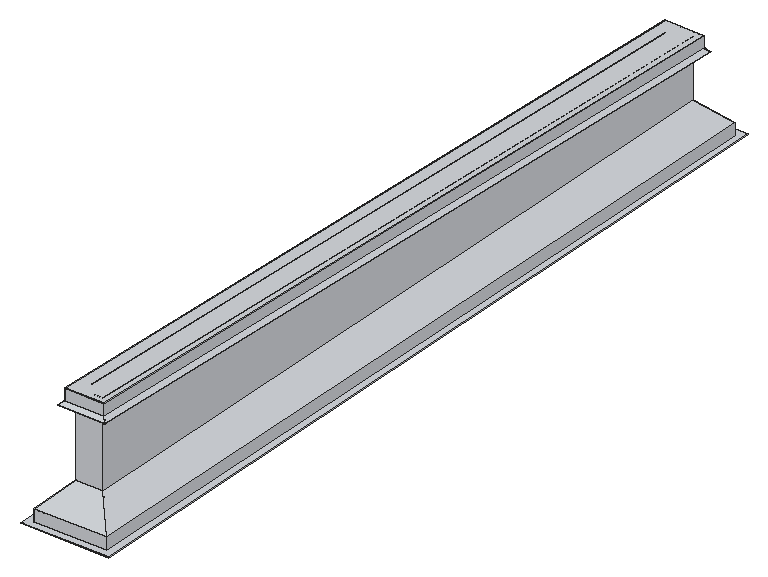
Revit family "UES-1", category Mechanical Equipment, Revit 2015
Parameters
  Width = 0' - 3 1/2"
  URL = "https://unitedenertech.com/catalog/pdf/M_5%20UES-1.pdf"
  Type Comments = "Consult Factory for Max. Sizes"
  Roof Slope = 2.00°
  R (1-1/2" Standard) = 0' - 1 1/2"
  Model = "UES-1"
  Manufacturer = "United Enertech Corporation"
  Length = 8' - 0"
  Height (10" Standard) = 1' - 0"
  Description = "Equipment Support"
  Cap Width [instance] = Width + 0' 1 1/2"  # 0' - 5"
  Cap Length [instance] = Length + 0' 1 1/2"  # 8' - 1 1/2"
Reference planes (in)
  plane 1 "Center (Front/Back)": y = 0
  plane 2: z = 0
  plane 3 "Center (Left/Right)": x = 0
  plane 4: x = -1.75
  plane 5: x = 1.75
  plane 6: x = -4.75
  plane 7: x = -5.75
  plane 8: x = 4.75
  plane 9: x = 5.75
  plane 10: y = -48
  plane 11: y = -96
  plane 12: y = 3
  plane 13: y = 4
  plane 14: y = -99
  plane 15: y = -100
  plane 16: z = 0.0478
  plane 17: z = 12
  plane 18: z = 11.9522
  plane 19: z = 10.4522
  plane 20: x = -2.5
  plane 21: x = 2.5
  plane 22: y = 0.75
  plane 23: y = -96.75
  plane 24: z = 1.5478
  plane 25: z = 4.5478
Forms (in)
  Extrusion 1, solid
    sketch origin (0, 0, 0) x (0, 1, 0) y (0, 0, 1)
      loop
        line (4, 0.13968) -> (4, 0.18748) -> (-100, -3.44428) -> (-100, -3.49208) -> (4, 0.13968)
    from -5.75 to 5.75
  Extrusion 2, solid, material "Wood (Oak)"
    sketch origin (0, 0, 0) x (1, 0, 0) y (0, 0, 1)
      loop
        line (-1.75, 10.4522) -> (1.75, 10.4522) -> (1.75, 11.9522) -> (-1.75, 11.9522) -> (-1.75, 10.4522)
    from 0 to 96
  Extrusion 3, solid
    sketch origin (0, 0, 0) x (0, 1, 0) y (0, 0, 1)
      loop
        line (0, 10.4522) -> (-96, 10.4522) -> (-96, 1.19541) -> (0, 4.5478) -> (0, 10.4522)
    from -1.75 to 1.75
  Extrusion 4, solid
    sketch origin (0, 0, 0) x (0, 1, 0) y (0, 0, 1)
      loop
        line (3, 1.65256) -> (-99, -1.90936) -> (-99, -3.40936) -> (3, 0.15256) -> (3, 1.65256)
    from -4.75 to 4.75
  Extrusion 5, solid
    sketch origin (0, 0, 0) x (0, 1, 0) y (0, 0, 1)
      loop
        line (0, 4.5478) -> (0, 1.5478) -> (3, 1.65256) -> (0, 4.5478)
    from -4.75 to 4.75
  Extrusion 6, solid
    sketch origin (0, 0, 0) x (0, 1, 0) y (0, 0, 1)
      loop
        line (-96, 1.19541) -> (-99, -1.90936) -> (-96, -1.80459) -> (-96, 1.19541)
    from -4.75 to 4.75
  Blend 7, solid
    base sketch origin (0, 0, 0) x (0, 1, 0) y (0, 0, 1)
      loop
        line (3, 1.65256) -> (-99, -1.90936) -> (-99, -3.40936) -> (3, 0.15256) -> (3, 1.65256)
    top sketch origin (0, 0, 0) x (0, 1, 0) y (0, 0, 1)
      loop
        line (3, 4.65256) -> (-99, 1.09064) -> (-99, -3.40936) -> (3, 0.15256) -> (3, 4.65256)
    from -4.75 to -1.75
  Blend 8, solid
    base sketch origin (0, 0, 0) x (0, 1, 0) y (0, 0, 1)
      loop
        line (3, 1.65256) -> (-99, -1.90936) -> (-99, -3.40936) -> (3, 0.15256) -> (3, 1.65256)
    top sketch origin (0, 0, 0) x (0, 1, 0) y (0, 0, 1)
      loop
        line (3, 4.65256) -> (-99, 1.09064) -> (-99, -3.40936) -> (3, 0.15256) -> (3, 4.65256)
    from 4.75 to 1.75
  Extrusion 9, void
    sketch origin (-166.48902, -64.31687, 0) x (1, 0, 0) y (0, 1, 0)
      loop
        line (151.44003, -14.88414) -> (171.23902, -34.68313) -> (171.23902, -14.88414) -> (151.44003, -14.88414)
    from -568.86476 to 625.85955
  Extrusion 10, void
    sketch origin (-156.19003, -6.11586, 0) x (1, 0, 0) y (0, 1, 0)
      loop
        line (151.44003, 9.11586) -> (171.23902, -10.68313) -> (171.23902, 9.11586) -> (151.44003, 9.11586)
    from -660.76663 to 670.3282
  Extrusion 11, void
    sketch origin (-186.05989, -62.84276, 0) x (1, 0, 0) y (0, 1, 0)
      loop
        line (181.30989, 9.84276) -> (181.30989, -36.15724) -> (227.30989, 9.84276) -> (181.30989, 9.84276)
    from -459.17543 to 479.11302
  Extrusion 12, void
    sketch origin (-198.55989, -6.84276, 0) x (1, 0, 0) y (0, 1, 0)
      loop
        line (181.30989, 9.84276) -> (181.30989, -12.15724) -> (203.30989, 9.84276) -> (181.30989, 9.84276)
    from -690.41239 to 817.07473
  Extrusion 13, void
    sketch origin (-123.6308, 35.17721, 0) x (1, 0, 0) y (0, 1, 0)
      loop
        line (118.8808, -32.17721) -> (118.8808, -65.39041) -> (152.094, -65.39041) -> (118.8808, -32.17721)
    from -469.45723 to 837.92099
  Extrusion 14, void
    sketch origin (-135.344, -21.60959, 0) x (1, 0, 0) y (0, 1, 0)
      loop
        line (118.8808, -56.17721) -> (118.8808, -77.39041) -> (140.094, -77.39041) -> (118.8808, -56.17721)
    from -562.84139 to 630.40064
  Extrusion 15, void
    sketch origin (-201.86381, 39.48084, 0) x (1, 0, 0) y (0, 1, 0)
      loop
        line (188.93614, -54.1585) -> (206.61381, -54.1585) -> (206.61381, -36.48084) -> (188.93614, -54.1585)
    from -442.67962 to 438.48479
  Extrusion 16, void
    sketch origin (-193.68614, -20.8415, 0) x (1, 0, 0) y (0, 1, 0)
      loop
        line (188.93614, -78.1585) -> (206.61381, -78.1585) -> (206.61381, -60.48084) -> (188.93614, -78.1585)
    from -824.80856 to 552.88655
Cuts and joins
  Extrusion 10, Extrusion 16 cuts Blend 7
  Extrusion 9, Extrusion 11 cuts Extrusion 6
  Extrusion 12, Extrusion 14 cuts Blend 8
  Extrusion 13, Extrusion 15 cuts Extrusion 5
Lines and regions (in)
  reference lines
    curve 1: line (0, 0, 0) -> (0, -155.90497, -5.44432)
    curve 2: line (0, 0, 0.0478) -> (0, -45.22243, -1.5314)
    curve 3: line (0, 0, 1.5478) -> (0, -51.91269, -0.26503)
    curve 4: line (0, 0, 4.5478) -> (0, -46.97137, 2.90752)
Dimensions and locks (in)
  equal spacing: plane 4, plane 3 "Center (Left/Right)", plane 5
  "Width": plane 4 to plane 5
  locked: plane 6 to plane 4 at 3
  locked: plane 7 to plane 6 at 1
  locked: plane 9 to plane 8 at 1
  locked: plane 5 to plane 8 at 3
  equal spacing: plane 11, plane 10, plane 1 "Center (Front/Back)"
  "Length": plane 1 "Center (Front/Back)" to plane 11
  locked: plane 1 "Center (Front/Back)" to plane 12 at 3
  locked: plane 13 to plane 12 at 1
  locked: plane 15 to plane 14 at 1
  locked: plane 14 to plane 11 at 3
  locked: plane 16 to level at 0.0478
  locked: plane 17 to plane 18 at 0.0478
  locked: plane 18 to plane 19 at 1.5
  "Height (10" Standard)": plane 17 to level
  locked: plane 4 to plane 20 at 0.75
  locked: plane 5 to plane 21 at 0.75
  locked: plane 22 to plane 1 "Center (Front/Back)" at 0.75
  locked: plane 11 to plane 23 at 0.75
  "R (1-1/2" Standard)": plane 24 to plane 16
  locked: plane 25 to plane 24 at 3
  "Roof Slope": angle curve 1 to level
  "Roof Slope": angle curve 2 to plane 16
  "Roof Slope": angle curve 4 to plane 25
  "Roof Slope": angle curve 3 to plane 24
  locked: Extrusion 9 sketch curve to Extrusion 9 sketch curve (angle 45.00°)  (x2)
  locked: Extrusion 10 sketch curve to Extrusion 10 sketch curve (angle 45.00°)  (x2)
  locked: Extrusion 11 sketch curve to Extrusion 11 sketch curve (angle 45.00°)  (x2)
  locked: Extrusion 12 sketch curve to Extrusion 12 sketch curve (angle 45.00°)  (x2)
  locked: Extrusion 13 sketch curve to Extrusion 13 sketch curve (angle 45.00°)  (x2)
  locked: Extrusion 14 sketch curve to Extrusion 14 sketch curve (angle 45.00°)  (x2)
  locked: Extrusion 15 sketch curve to Extrusion 15 sketch curve (angle 45.00°)  (x2)
  locked: Extrusion 16 sketch curve to Extrusion 16 sketch curve (angle 45.00°)  (x2)
  aligned and locked: level to plane 2
  aligned and locked: plane 1 "Center (Front/Back)" to curve 1
  aligned and locked: level to curve 1
  aligned and locked: plane 1 "Center (Front/Back)" to curve 2
  aligned and locked: plane 16 to curve 2
  aligned and locked: Extrusion 1 sketch curve to plane 13
  aligned and locked: Extrusion 1 sketch curve to plane 15
  aligned and locked: Extrusion 1 sketch curve to curve 2
  aligned and locked: Extrusion 1 sketch curve to curve 1
  aligned and locked: Extrusion 1 to plane 7
  aligned and locked: Extrusion 1 to plane 9
  aligned and locked: nested 1 to plane 10
  aligned and locked: nested 1 to plane 3 "Center (Left/Right)"
  aligned and locked: plane 17 to nested 1
  aligned and locked: plane 18 to Extrusion 2 sketch curve
  aligned and locked: Extrusion 2 sketch curve to plane 4
  aligned and locked: plane 5 to Extrusion 2 sketch curve
  aligned and locked: Extrusion 2 sketch curve to plane 19
  aligned and locked: Extrusion 2 to plane 1 "Center (Front/Back)"
  aligned and locked: Extrusion 2 to plane 11
  aligned and locked: Extrusion 3 sketch curve to plane 19
  aligned and locked: plane 11 to Extrusion 3 sketch curve
  aligned and locked: plane 1 "Center (Front/Back)" to Extrusion 3 sketch curve
  aligned and locked: Extrusion 3 to plane 4
  aligned and locked: plane 24 to curve 3
  aligned and locked: plane 1 "Center (Front/Back)" to curve 3
  aligned and locked: plane 1 "Center (Front/Back)" to curve 4
  aligned and locked: plane 25 to curve 4
  aligned and locked: Extrusion 3 sketch curve to curve 4
  aligned and locked: plane 12 to Extrusion 4 sketch curve
  aligned and locked: plane 14 to Extrusion 4 sketch curve
  aligned and locked: Extrusion 4 sketch curve to curve 3
  aligned and locked: Extrusion 4 sketch curve to Extrusion 1
  aligned and locked: Extrusion 4 to plane 8
  aligned and locked: Extrusion 4 to plane 6
  aligned and locked: plane 5 to Extrusion 3
  aligned and locked: Extrusion 5 sketch curve to plane 1 "Center (Front/Back)"
  aligned and locked: Extrusion 5 sketch curve to Extrusion 3
  aligned and locked: Extrusion 4 to Extrusion 5 sketch curve
  aligned and locked: Extrusion 5 sketch curve to Extrusion 4
  aligned and locked: plane 12 to Extrusion 5 sketch curve
  aligned and locked: Extrusion 5 to plane 6
  aligned and locked: Extrusion 5 to plane 8
  aligned and locked: plane 11 to Extrusion 6 sketch curve
  aligned and locked: Extrusion 3 to Extrusion 6 sketch curve
  aligned and locked: Extrusion 6 sketch curve to Extrusion 4
  aligned and locked: plane 14 to Extrusion 6 sketch curve
  aligned and locked: Extrusion 4 to Extrusion 6
  aligned and locked: Extrusion 6 to Extrusion 4
  aligned and locked: curve 3 to Extrusion 6 sketch curve
  aligned and locked: plane 12 to Blend 7 sketch curve  (x2)
  aligned and locked: plane 14 to Blend 7 sketch curve  (x2)
  aligned and locked: Blend 7 sketch curve to Extrusion 4
  aligned and locked: Blend 7 sketch curve to Extrusion 1  (x2)
  aligned and locked: Blend 7 sketch curve to Extrusion 3
  aligned and locked: plane 4 to Blend 7
  aligned and locked: Blend 7 to plane 6
  aligned and locked: Blend 8 to plane 5
  aligned and locked: Blend 8 to plane 8
  aligned and locked: Blend 8 sketch curve to Extrusion 3
  aligned and locked: Blend 8 sketch curve to Extrusion 1  (x2)
  aligned and locked: plane 12 to Blend 8 sketch curve  (x2)
  aligned and locked: plane 14 to Blend 8 sketch curve  (x2)
  aligned and locked: Blend 8 sketch curve to Extrusion 4
  aligned and locked: plane 12 to Extrusion 10 sketch curve
  aligned and locked: plane 6 to Extrusion 10 sketch curve
  aligned and locked: plane 14 to Extrusion 9 sketch curve
  aligned and locked: plane 8 to Extrusion 9 sketch curve
  aligned and locked: plane 14 to Extrusion 11 sketch curve
  aligned and locked: Extrusion 11 sketch curve to plane 6
  aligned and locked: plane 12 to Extrusion 12 sketch curve
  aligned and locked: plane 8 to Extrusion 12 sketch curve
  aligned and locked: plane 12 to Extrusion 13 sketch curve
  aligned and locked: plane 6 to Extrusion 13 sketch curve
  aligned and locked: plane 14 to Extrusion 14 sketch curve
  aligned and locked: plane 8 to Extrusion 14 sketch curve
  aligned and locked: plane 12 to Extrusion 15 sketch curve
  aligned and locked: plane 8 to Extrusion 15 sketch curve
  aligned and locked: plane 14 to Extrusion 16 sketch curve
  aligned and locked: Extrusion 16 sketch curve to plane 6
Automatic sketch dimensions
  Extrusion 9 sketch curve to Extrusion 9 sketch curve = 1' - 7.79899"
  Extrusion 10 sketch curve to Extrusion 10 sketch curve = 1' - 7.79899"
  Extrusion 11 sketch curve to plane 13 = 4' - 9"
  plane 1 "Center (Front/Back)" to Extrusion 12 sketch curve = 1' - 7"
  plane 10 to Extrusion 13 sketch curve = 1' - 5.7868"
  Extrusion 14 sketch curve to Extrusion 14 sketch curve = 1' - 9.2132"
  Extrusion 15 sketch curve to Extrusion 15 sketch curve = 1' - 5.67767"
  Extrusion 16 sketch curve to Extrusion 16 sketch curve = 1' - 5.67767"
Nested families (in)
  nested 1: "Rail Cap" at (0, -48, 10), type "Rail Cap"
    with B Side Base I.D. 8' - 1 1/2", A Side Base I.D. 0' - 5"
Definition of nested family "Rail Cap"
  Parameters (values of type "Rail Cap")
    URL = ""
    Type Comments = ""
    Model = ""
    Manufacturer = ""
    Description = ""
    B Side Base I.D. = 3' - 0"
    A Side Base I.D. = 3' - 0"
  Reference planes (in)
    plane 1 "Center (Front/Back)": y = 0
    plane 2: z = 0
    plane 3 "Center (Left/Right)": x = 0
    plane 4: x = -18
    plane 5: x = 18
    plane 6: y = -18
    plane 7: y = 18
    plane 8: x = -18.0478
    plane 9: y = -18.0478
    plane 10: x = 18.0478
    plane 11: y = 18.0478
    plane 12: z = 2
    plane 13: z = 0.5
    plane 14: z = 1.9522
    plane 15: x = -18.5478
    plane 16: y = -18.5478
    plane 17: x = 18.5478
    plane 18: y = 18.5478
    plane 19: z = 1.5772
    plane 20: y = 19.0478
    plane 21: y = -19.0478
    plane 22: x = -19.0478
    plane 23: x = 19.0478
  Forms (in)
    Extrusion 1, solid
      sketch origin (0, 0, 0) x (1, 0, 0) y (0, 0, 1)
        loop
          line (-18.54622, 0.00144) -> (-18, 0.5) -> (-18, 1.9522) -> (-18.0478, 1.9522) -> (-18.0478, 0.51984) -> (-18.5794, 0.03462) -> (-18.54622, 0.00144)
      from -18.5478 to 18.5478
    Extrusion 2, solid
      sketch origin (0, 0, 0) x (-1, 0, 0) y (0, 0, -1)
        loop
          line (-18.54622, -0.00144) -> (-18.5794, -0.03462) -> (-18.0478, -0.51984) -> (-18.0478, -1.9522) -> (-18, -1.9522) -> (-18, -0.5) -> (-18.54622, -0.00144)
      from -18.5478 to 18.5478
    Extrusion 3, solid
      sketch origin (0, 0, 0) x (0, 1, 0) y (0, 0, 1)
        loop
          line (-18, 1.9522) -> (-18.0478, 1.9522) -> (-18.0478, 0.51988) -> (-18.58098, 0.03462) -> (-18.5478, 0.00144) -> (-18, 0.5) -> (-18, 1.9522)
      from -18.5478 to 18.5478
    Extrusion 4, solid
      sketch origin (0, 0, 0) x (0, -1, 0) y (0, 0, -1)
        loop
          line (-18, -1.9522) -> (-18, -0.5) -> (-18.5478, -0.00144) -> (-18.58098, -0.03462) -> (-18.0478, -0.51988) -> (-18.0478, -1.9522) -> (-18, -1.9522)
      from -18.5478 to 18.5478
    Extrusion 5, void
      sketch origin (-93.15685, -31.93875, 0) x (1, 0, 0) y (0, 1, 0)
        loop
          line (106.5478, 18.5478) -> (112.20465, 12.89095) -> (112.20465, 18.5478) -> (106.5478, 18.5478)
      from -1.29054 to 3.19849
    Extrusion 6, void
      sketch origin (-125.5956, 0.5, 0) x (1, 0, 0) y (0, 1, 0)
        loop
          line (106.5478, 18.5478) -> (112.20465, 12.89095) -> (112.20465, 18.5478) -> (106.5478, 18.5478)
      from -3.18066 to 4.14355
    Extrusion 7, void
      sketch origin (-109.38054, -28.0092, 0) x (1, 0, 0) y (0, 1, 0)
        loop
          line (117.42834, 19.9614) -> (117.42834, 8.9614) -> (128.42834, 8.9614) -> (117.42834, 19.9614)
      from -1.13303 to 3.27725
    Extrusion 8, void
      sketch origin (-136.47614, -0.9136, 0) x (1, 0, 0) y (0, 1, 0)
        loop
          line (117.42834, 19.9614) -> (117.42834, 8.9614) -> (128.42834, 8.9614) -> (117.42834, 19.9614)
      from -1.68432 to 3.74977
    Extrusion 9, void
      sketch origin (-121.30312, -30.02453, 0) x (1, 0, 0) y (0, 1, 0)
        loop
          line (109.32639, 18.0478) -> (102.25532, 18.0478) -> (102.25532, 10.97673) -> (109.32639, 18.0478)
      from -1.13303 to 3.59226
    Extrusion 10, void
      sketch origin (-90.27859, 1, 0) x (1, 0, 0) y (0, 1, 0)
        loop
          line (109.32639, 18.0478) -> (102.25532, 18.0478) -> (102.25532, 10.97673) -> (109.32639, 18.0478)
      from -1.44805 to 3.51351
    Extrusion 11, void
      sketch origin (-116.53283, -32.26123, 0) x (1, 0, 0) y (0, 1, 0)
        loop
          line (105.97031, 21.69871) -> (97.48503, 13.21343) -> (105.97031, 13.21343) -> (105.97031, 21.69871)
      from -1.3693 to 3.82853
    Extrusion 12, void
      sketch origin (-86.92251, -2.65091, 0) x (1, 0, 0) y (0, 1, 0)
        loop
          line (105.97031, 21.69871) -> (97.48503, 13.21343) -> (105.97031, 13.21343) -> (105.97031, 21.69871)
      from -0.97552 to 3.04098
    Extrusion 13, solid
      sketch origin (0, 0, 0) x (1, 0, 0) y (0, 1, 0)
        loop
          line (-18.0478, -18.0478) -> (18.0478, -18.0478) -> (18.0478, 18.0478) -> (-18.0478, 18.0478) -> (-18.0478, -18.0478)
      from 1.9522 to 2
  Cuts and joins
    Extrusion 6, Extrusion 11 cuts Extrusion 1
    Extrusion 5, Extrusion 9 cuts Extrusion 3
    Extrusion 8, Extrusion 12 cuts Extrusion 4
    Extrusion 7, Extrusion 10 cuts Extrusion 2
  Dimensions and locks (in)
    equal spacing: plane 4, plane 3 "Center (Left/Right)", plane 5
    "A Side Base I.D.": plane 4 to plane 5
    equal spacing: plane 7, plane 1 "Center (Front/Back)", plane 6
    "B Side Base I.D.": plane 7 to plane 6
    locked: plane 6 to plane 9 at 0.0478
    locked: plane 11 to plane 7 at 0.0478
    locked: plane 8 to plane 4 at 0.0478
    locked: plane 5 to plane 10 at 0.0478
    locked: plane 12 to level at 2
    locked: plane 13 to level at 0.5
    locked: plane 12 to plane 14 at 0.0478
    locked: plane 9 to plane 16 at 0.5
    locked: plane 15 to plane 8 at 0.5
    locked: plane 11 to plane 18 at 0.5
    locked: plane 10 to plane 17 at 0.5
    locked: plane 14 to plane 19 at 0.375
    locked: plane 18 to plane 20 at 0.5
    locked: plane 21 to plane 16 at 0.5
    locked: plane 22 to plane 15 at 0.5
    locked: plane 17 to plane 23 at 0.5
    locked: Extrusion 5 sketch curve to Extrusion 5 sketch curve (angle 45.00°)  (x2)
    locked: Extrusion 6 sketch curve to Extrusion 6 sketch curve (angle 45.00°)  (x2)
    locked: Extrusion 7 sketch curve to Extrusion 7 sketch curve (angle 45.00°)  (x2)
    locked: Extrusion 8 sketch curve to Extrusion 8 sketch curve (angle 45.00°)  (x2)
    locked: Extrusion 9 sketch curve to Extrusion 9 sketch curve (angle 45.00°)  (x2)
    locked: Extrusion 10 sketch curve to Extrusion 10 sketch curve (angle 45.00°)  (x2)
    locked: Extrusion 11 sketch curve to Extrusion 11 sketch curve (angle 45.00°)  (x2)
    locked: Extrusion 12 sketch curve to Extrusion 12 sketch curve (angle 45.00°)  (x2)
    aligned and locked: level to plane 2
    aligned and locked: plane 4 to Extrusion 1 sketch curve
    aligned and locked: Extrusion 1 sketch curve to plane 8
    aligned and locked: plane 14 to Extrusion 1 sketch curve
    aligned and locked: plane 13 to Extrusion 1 sketch curve
    aligned and locked: Extrusion 2 sketch curve to plane 14
    aligned and locked: plane 5 to Extrusion 2 sketch curve
    aligned and locked: plane 10 to Extrusion 2 sketch curve
    aligned and locked: plane 13 to Extrusion 2 sketch curve
    aligned and locked: Extrusion 1 to plane 18
    aligned and locked: Extrusion 1 to plane 16
    aligned and locked: Extrusion 2 to plane 16
    aligned and locked: Extrusion 2 to plane 18
    aligned and locked: plane 16 to Extrusion 3 sketch curve
    aligned and locked: plane 6 to Extrusion 3 sketch curve  (x2)
    aligned and locked: plane 13 to Extrusion 3 sketch curve
    aligned and locked: plane 9 to Extrusion 3 sketch curve
    aligned and locked: Extrusion 3 sketch curve to plane 14
    aligned and locked: Extrusion 4 sketch curve to plane 11
    aligned and locked: plane 7 to Extrusion 4 sketch curve
    aligned and locked: plane 14 to Extrusion 4 sketch curve
    aligned and locked: plane 13 to Extrusion 4 sketch curve
    aligned and locked: plane 18 to Extrusion 4 sketch curve
    aligned and locked: Extrusion 3 to plane 15
    aligned and locked: Extrusion 3 to plane 17
    aligned and locked: Extrusion 4 to plane 17
    aligned and locked: Extrusion 4 to plane 15
    aligned and locked: plane 22 to Extrusion 6 sketch curve
    aligned and locked: plane 20 to Extrusion 6 sketch curve
    aligned and locked: plane 21 to Extrusion 5 sketch curve
    aligned and locked: plane 23 to Extrusion 5 sketch curve
    aligned and locked: plane 20 to Extrusion 8 sketch curve
    aligned and locked: plane 22 to Extrusion 8 sketch curve
    aligned and locked: plane 21 to Extrusion 7 sketch curve
    aligned and locked: plane 23 to Extrusion 7 sketch curve
    aligned and locked: plane 23 to Extrusion 10 sketch curve
    aligned and locked: plane 20 to Extrusion 10 sketch curve
    aligned and locked: plane 21 to Extrusion 9 sketch curve
    aligned and locked: Extrusion 9 sketch curve to plane 22
    aligned and locked: plane 20 to Extrusion 12 sketch curve
    aligned and locked: plane 23 to Extrusion 12 sketch curve
    aligned and locked: Extrusion 11 sketch curve to plane 22
    aligned and locked: plane 21 to Extrusion 11 sketch curve
    aligned and locked: Extrusion 13 sketch curve to plane 8
    aligned and locked: Extrusion 13 sketch curve to plane 11
    aligned and locked: Extrusion 13 sketch curve to plane 9
    aligned and locked: Extrusion 13 sketch curve to plane 10
    aligned and locked: Extrusion 13 to plane 14
    aligned and locked: plane 12 to Extrusion 13
  Automatic sketch dimensions
    plane 15 to Extrusion 1 sketch curve = 0' - 0.00158"
    Extrusion 1 sketch curve to plane 15 = 0' - 0.0316"
    level to Extrusion 1 sketch curve = 0' - 0.03462"
    level to Extrusion 1 sketch curve = 0' - 0.00144"
    plane 13 to Extrusion 1 sketch curve = 0' - 0.01984"
    Extrusion 2 sketch curve to plane 17 = 0' - 0.00158"
    plane 17 to Extrusion 2 sketch curve = 0' - 0.0316"
    Extrusion 2 sketch curve to level = 0' - 0.03462"
    Extrusion 2 sketch curve to level = 0' - 0.00144"
    Extrusion 2 sketch curve to plane 13 = 0' - 0.01984"
    Extrusion 3 sketch curve to plane 16 = 0' - 0.03318"
    level to Extrusion 3 sketch curve = 0' - 0.03462"
    level to Extrusion 3 sketch curve = 0' - 0.00144"
    plane 13 to Extrusion 3 sketch curve = 0' - 0.01988"
    plane 18 to Extrusion 4 sketch curve = 0' - 0.03318"
    Extrusion 4 sketch curve to level = 0' - 0.03462"
    Extrusion 4 sketch curve to level = 0' - 0.00144"
    Extrusion 4 sketch curve to plane 13 = 0' - 0.01988"
    Extrusion 5 sketch curve to plane 5 = 0' - 4.60905"
    plane 4 to Extrusion 6 sketch curve = 0' - 4.60905"
    plane 1 "Center (Front/Back)" to Extrusion 7 sketch curve = 0' - 8.0478"
    Extrusion 8 sketch curve to plane 1 "Center (Front/Back)" = 0' - 8.0478"
    plane 4 to Extrusion 9 sketch curve = 0' - 6.02327"
    Extrusion 10 sketch curve to plane 5 = 0' - 6.02327"
    Extrusion 11 sketch curve to Extrusion 11 sketch curve = 0' - 8.48528"
    Extrusion 12 sketch curve to plane 7 = 0' - 7 7/16"
